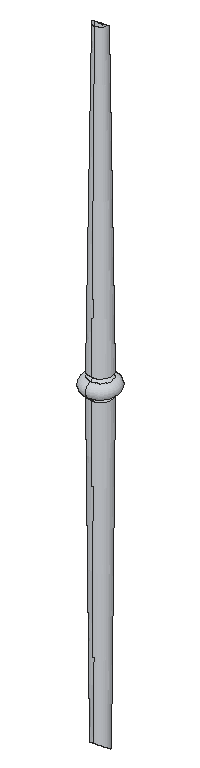
Revit family "Baluster-Custom1 (M).0002", category 난간동자, Revit 2026
Family settings
  항상 수직 = 예
  로드될 때 보이드를 사용하여 절단 = 아니오
  공유 = 아니오
Parameters (values of type "25mm")
  built-in parameter 1008623 [instance] = 32.47°
  built-in parameter 1008625 [instance] = (empty or 0)
  Post = no
  built-in parameter 1008624 [instance] = 32.47°
  Baluster Material = none
  built-in parameter 1008622 [instance] = 762 mm
Reference planes
  plane 1 "Center F/B": y = 0
  plane 2: z = 0
  plane 3 "Center L/R": x = 0
  plane 4 "Top": z = 762
  plane 5 "Top Angle Cut": through (0, 345.134, 542.379) normal (0, -0.5369, -0.8437)
  plane 6: z = 990.6
  plane 7: z = 381
  plane 8: z = 393.7
  plane 9: z = 368.3
  plane 10 "Bottom Angle Cut": through (0, 0, 0) normal (0, -0.5369, -0.8437)
  plane 11: z = -228.6
  plane 12: y = 50.8
  plane 13: y = -50.8
  plane 14: x = 50.8
  plane 15: x = -50.8
Forms (mm)
  Revolve 1, solid, material <- "Baluster Material"
    sketch origin (0, 0, 0) x (0, 1, 0) y (0, 0, 1)
      loop
        line (0, -228.6) -> (7.144, -228.6) -> (13.046, 368.399) -> (6.564, 368.3) -> (13.36, 373.058)
        arc (13.36, 373.058) -> (21.301, 381) -> (13.36, 388.942) r 7.942
        line (13.36, 388.942) -> (6.457, 393.775) -> (13.043, 393.775) -> (7.422, 762) -> (7.422, 990.6) -> (0, 990.6) -> (0, -228.6)
      axis (0, -228.6) -> (0, 990.6)
    angle from 0 to 360
  Extrusion 2, void
    sketch origin (0, 0, 0) x (0, 1, 0) y (0, 0, 1)
      loop
        line (-50.8, -228.6) -> (50.8, -228.6) -> (50.8, -32.326) -> (-50.8, 32.326) -> (-50.8, -228.6)
      loop
        line (50.8, 990.6) -> (-50.8, 990.6) -> (-50.8, 794.326) -> (50.8, 729.674) -> (50.8, 990.6)
    from -50.8 to 50.8
Cuts and joins
  Extrusion 2 cuts Revolve 1
Dimensions and locks
  "built-in parameter 1008622": plane 2 to plane 4 "Top"
  plane 4 "Top" to plane 6 = 228.6 mm
  equal spacing: plane 2, plane 7, plane 4 "Top"
  plane 9 to plane 7 to plane 8 = 12.7 mm, 12.7 mm
  locked: level to plane 11 at 228.6
  locked: plane 15 to plane 3 "Center L/R" at 50.8
  locked: plane 3 "Center L/R" to plane 14 at 50.8
  locked: plane 1 "Center F/B" to plane 12 at 50.8
  locked: plane 13 to plane 1 "Center F/B" at 50.8
  "built-in parameter 1008623": angle plane 4 "Top" to plane 5 "Top Angle Cut"
  "built-in parameter 1008624": angle level to plane 10 "Bottom Angle Cut"
  aligned and locked: Revolve 1 sketch curve to plane 11
  aligned and locked: Extrusion 2 sketch curve to plane 11
  aligned and locked: Extrusion 2 sketch curve to plane 12  (x2)
  aligned and locked: plane 13 to Extrusion 2 sketch curve  (x2)
  aligned and locked: Extrusion 2 sketch curve to plane 10 "Bottom Angle Cut"
  aligned and locked: Extrusion 2 to plane 14
  aligned and locked: Extrusion 2 to plane 15
  aligned and locked: Extrusion 2 sketch curve to plane 6
  aligned and locked: plane 5 "Top Angle Cut" to Extrusion 2 sketch curve
Automatic sketch dimensions
  Revolve 1 sketch curve to plane 1 "Center F/B" = 0 mm  (x2)
  Revolve 1 sketch curve to plane 9 = 0 mm
  Revolve 1 sketch curve to plane 6 = 0 mm
  Revolve 1 sketch curve to plane 4 "Top" = 0 mm
  Revolve 1 sketch curve to plane 7 = 0 mm
  Revolve 1 sketch curve to plane 8 = 0.075 mm
  Revolve 1 sketch curve to plane 9 = 0.099 mm
  Revolve 1 sketch curve to Revolve 1 sketch curve = 4.659 mm
  Revolve 1 sketch curve to Revolve 1 sketch curve = 101.6 mm
  Revolve 1 sketch curve to Revolve 1 sketch curve = 152.4 mm
  Revolve 1 sketch curve to plane 1 "Center F/B" = 6.457 mm
  Revolve 1 sketch curve to plane 1 "Center F/B" = 6.564 mm
  Revolve 1 sketch curve to Revolve 1 sketch curve = 7.144 mm
  Revolve 1 sketch curve to Revolve 1 sketch curve = 7.422 mm
  Revolve 1 sketch curve to Revolve 1 sketch curve = 6.587 mm
  Revolve 1 sketch curve to Revolve 1 sketch curve = 6.482 mm
  Revolve 1 sketch curve to Revolve 1 sketch curve = 0.314 mm
